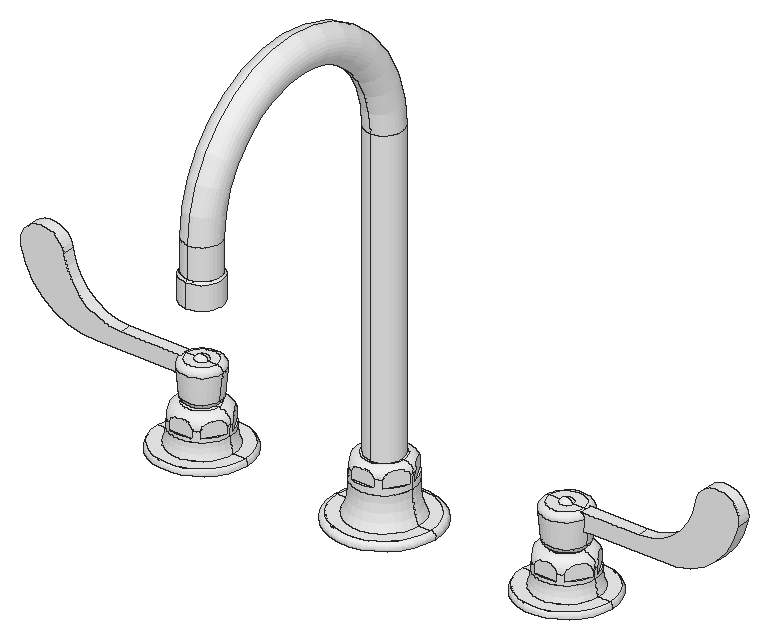
Revit family "Faucet-Lavatory-American_Standard-Monterrey-6540.27x_Series", category Plumbing Fixtures, Revit 2019
Family settings
  Round Connector Dimension = Use Diameter
  Part Type = Normal
  OmniClass Number = 23.45.55.17
  OmniClass Title = Mixing Faucets
  Work Plane-Based = Yes
  Always vertical = No
  Cut with Voids When Loaded = No
  Shared = Yes
  Room Calculation Point = No
Parameters (values of type "6540.270.002")
  Width = 5"
  Waste Connection = no
  WFU = 0
  Vent Connection = no
  URL = "http://www.americanstandard-us.com/"
  Revised Date = "06/08/2021"  # constant formula
  Product Page URL = "https://www.americanstandard-us.com/bathroom/commercial-faucets/monterrey-widespread-bathroom-faucet-with-5-gooseneck-spout-and-flexible-underbody-26664"
  Product Documentation Link = "https://www.americanstandard-us.com/-/media/sites/asus/files/product-specs/bulk/specsheet6540270.pdf?la=en"
  Price = "Prices may vary. Please consult Manufacturer Representative for most up-to-date price list."  # constant formula
  Model = "6540.270.002"
  Material = "Metal-American Standard-002-Polished Chrome"
  Manufacturer = "American Standard"
  Length = 15 3/4"
  Installation Type = "Deck Mounted"
  IAPMO Compliance = "These products meet or exceeds: ASME A112.18.1,CSA B125.1,NSF 372"  # constant formula
  Hot Water Connection Diameter = 1/2"  # constant formula
  Height = 10 5/8"
  Handle Distance Constraint [instance] = if(Handle Distance < 6", 6", if(Handle Distance > 12", 12", Handle Distance))  # 8"
  Handle Distance [instance] = 8"
  HWFU = 1.5  # constant formula
  HW Connection = yes
  Flow Rate = "1.5 gpm (5.7 L/min)"
  Finish = Metal-American Standard-002-Polished Chrome
  Description = "Monterrey Two-Handle 8\" Widespread Lavatory Faucet with Rigid/Swivel Goosneck Spout with 5\" Reach and Flexible Underbody."
  Default Elevation = 0"
  Creation Date = "02/25/2016"  # constant formula
  Cold Water Connection Diameter = 1/2"  # constant formula
  CWFU = 1.5  # constant formula
  CW Connection = yes
  Assembly Code = "D2020300"
  ADA Compliant = yes
Types (3): name | Model | Flow Rate
  (no name) | "6540.270.002" | "1.5 gpm (5.7 L/min)"
  6540.270.002 | "6540.270.002" | "1.5 gpm (5.7 L/min)"
  6540.275.002 | "6540.275.002" | "0.5 gpm (1.9 L/min)"
Reference planes (in)
  plane 1 "Center (Front/Back)": y = 0
  plane 2: z = 0
  plane 3 "Center (Left/Right)": x = 0
  plane 4: z = 10.625
  plane 5: y = -5
  plane 6: z = 6.5
  plane 7: x = 4
  plane 8: x = -4
  plane 9: x = -5
  plane 10: z = 0.17426
  plane 11: y = -0.375
  plane 12: y = -5.375
  plane 13: x = -3
  plane 14: x = 5
  plane 15: x = 3
  plane 16: x = 0.37856
  plane 17: x = -0.37856
  plane 18: x = -7.875
  plane 19: x = 7.875
Forms (in)
  Sweep 1, solid, material "Metal-American Standard-002-Polished Chrome"
    path origin (0, 0, -1.50409) x (0, 1, 0) y (0, 0, 1)
      loop
        line (0, 2.52781) -> (0, 9.24965)
        arc (0, 9.24965) -> (-2.5, 11.74965) -> (-5, 9.24965) r 2.5
        line (-5, 9.24965) -> (-5, 8.24965)
    profile origin (0, 0, 4.38465) x (0, -1, 0) y (1, 0, 0)
      loop
        circle (0, 0) r 0.37856
  Revolve 2, solid, material "Metal-American Standard-002-Polished Chrome"
    sketch origin (0, 4.5, -0.45291) x (0, 1, 0) y (0, 0, 1)
      loop
        line (-9.92726, 7.48224) -> (-9.92726, 6.98147) -> (-9.88892, 6.98147) -> (-9.86892, 6.95291) -> (-9.5, 6.95291) -> (-9.5, 7.53052) -> (-9.89345, 7.53052) -> (-9.92726, 7.48224)
      axis (-9.5, 7.53052) -> (-9.5, 6.95291)
    angle from 0 to 360
  Revolve 3, solid, material "Metal-American Standard-002-Polished Chrome"
    sketch origin (0, 0, 0) x (1, 0, 0) y (0, 0, 1)
      loop
        arc (-4, 1.83383) -> (-4.07786, 1.81554) -> (-4.13264, 1.75726) r 0.13852
        line (-4.13264, 1.75726) -> (-4.32791, 1.75726)
        arc (-4.32791, 1.75726) -> (-4.42046, 1.71627) -> (-4.45232, 1.62019) r 0.125
        line (-4.45232, 1.62019) -> (-4.39778, 1.05773)
        arc (-4.39778, 1.05773) -> (-4.36565, 0.99373) -> (-4.29886, 0.96794) r 0.09938
        line (-4.29886, 0.96794) -> (-4.17228, 0.96794) -> (-4.17228, 0.93) -> (-4.37285, 0.93)
        arc (-4.37285, 0.93) -> (-4.55339, 0.85294) -> (-4.62262, 0.66927) r 0.25
        line (-4.62262, 0.66927) -> (-4.62262, 0.45123)
        arc (-4.62262, 0.45123) -> (-4.63597, 0.28237) -> (-4.68685, 0.12081) r 0.75054
        line (-4.68685, 0.12081) -> (-4.95648, 0.12081)
        arc (-4.95648, 0.12081) -> (-4.99181, 0.0653) -> (-5, 0) r 0.15007
        line (-5, 0) -> (-4, 0) -> (-4, 1.83383)
      axis (-4, 1.83383) -> (-4, 0)
    angle from 0 to 360
  Revolve 4, solid, material "Metal-American Standard-002-Polished Chrome"
    sketch origin (0, 0, 0) x (1, 0, 0) y (0, 0, 1)
      loop
        line (0, 0) -> (0, 1.32462) -> (-0.42891, 1.32462)
        arc (-0.42891, 1.32462) -> (-0.57144, 1.26558) -> (-0.63047, 1.12306) r 0.20156
        line (-0.63047, 1.12306) -> (-0.63047, 0.82462)
        arc (-0.63047, 0.82462) -> (-0.63991, 0.47235) -> (-0.76259, 0.142) r 1.07672
        line (-0.76259, 0.142) -> (-1.02139, 0.142)
        arc (-1.02139, 0.142) -> (-1.1063, 0.09564) -> (-1.12082, 0) r 0.1089
        line (-1.12082, 0) -> (0, 0)
      axis (0, 1.32462) -> (0, 0)
    angle from 0 to 360
  Extrusion 5, void
    sketch origin (0, 0, 0) x (1, 0, 0) y (0, 1, 0)
      loop
        line (-0.66376, 0) -> (-0.33188, -0.57483) -> (0.33188, -0.57483) -> (0.66376, 0) -> (0.33188, 0.57483) -> (-0.33188, 0.57483) -> (-0.66376, 0)
      loop
        circle (0, 0) r 0.75
    from 0.957 to 1.38415
  Extrusion 6, void
    sketch origin (0, 0, 0) x (1, 0, 0) y (0, 1, 0)
      loop
        line (-3.34125, 0) -> (-3.67062, 0.5705) -> (-4.32938, 0.5705) -> (-4.65875, 0) -> (-4.32938, -0.5705) -> (-3.67062, -0.5705) -> (-3.34125, 0)
      loop
        circle (-4, 0) r 0.70724
    from 0.93221 to 0.524
  Revolve 7, solid, material "Metal-American Standard-002-Polished Chrome"
    sketch origin (0, 0, 0) x (-1, 0, 0) y (0, 0, -1)
      loop
        line (-4, -1.83383) -> (-4, 0) -> (-5, 0)
        arc (-5, 0) -> (-4.99181, -0.0653) -> (-4.95648, -0.12081) r 0.15007
        line (-4.95648, -0.12081) -> (-4.68685, -0.12081)
        arc (-4.68685, -0.12081) -> (-4.63597, -0.28237) -> (-4.62262, -0.45123) r 0.75054
        line (-4.62262, -0.45123) -> (-4.62262, -0.66927)
        arc (-4.62262, -0.66927) -> (-4.55339, -0.85294) -> (-4.37285, -0.93) r 0.25
        line (-4.37285, -0.93) -> (-4.17228, -0.93) -> (-4.17228, -0.96794) -> (-4.34595, -0.96794)
        arc (-4.34595, -0.96794) -> (-4.41275, -0.99373) -> (-4.44487, -1.05773) r 0.09938
        line (-4.44487, -1.05773) -> (-4.49942, -1.62019)
        arc (-4.49942, -1.62019) -> (-4.46756, -1.71627) -> (-4.375, -1.75726) r 0.125
        line (-4.375, -1.75726) -> (-4.13264, -1.75726)
        arc (-4.13264, -1.75726) -> (-4.07786, -1.81554) -> (-4, -1.83383) r 0.13852
      axis (-4, -1.83383) -> (-4, 0)
    angle from 0 to 360
  Extrusion 8, void
    sketch origin (0, 0, 0) x (-1, 0, 0) y (0, -1, 0)
      loop
        line (-3.34125, 0) -> (-3.67062, 0.5705) -> (-4.32938, 0.5705) -> (-4.65875, 0) -> (-4.32938, -0.5705) -> (-3.67062, -0.5705) -> (-3.34125, 0)
      loop
        circle (-4, 0) r 0.70724
    from 0.93221 to 0.524
  Extrusion 9, solid, material "Metal-American Standard-002-Polished Chrome"
    sketch origin (0, 0, 0) x (1, 0, 0) y (0, 0, 1)
      loop
        line (-6.17228, 1.40079) -> (-4.62072, 1.40079)
        arc (-4.62072, 1.40079) -> (-4.38259, 1.34362) -> (-4.19638, 1.18458) r 0.52452
        line (-4.19638, 1.18458) -> (-4, 1.18458) -> (-4, 1.7507) -> (-5.68745, 1.7507)
        arc (-5.68745, 1.7507) -> (-6.51546, 2.06427) -> (-6.92805, 2.84766) r 1.25
        arc (-6.92805, 2.84766) -> (-7.48691, 3.22952) -> (-7.875, 2.67496) r 0.48132
        arc (-7.875, 2.67496) -> (-7.25828, 1.72432) -> (-6.17228, 1.40079) r 1.63938
    from -0.125 to 0.125
  Extrusion 10, solid, material "Metal-American Standard-002-Polished Chrome"
    sketch origin (0, 0, 0) x (-1, 0, 0) y (0, 0, -1)
      loop
        arc (-6.17228, -1.40079) -> (-7.25828, -1.72432) -> (-7.875, -2.67496) r 1.63938
        arc (-7.875, -2.67496) -> (-7.48691, -3.22952) -> (-6.92805, -2.84766) r 0.48132
        arc (-6.92805, -2.84766) -> (-6.51546, -2.06427) -> (-5.68745, -1.7507) r 1.25
        line (-5.68745, -1.7507) -> (-4, -1.7507) -> (-4, -1.18458) -> (-4.19638, -1.18458)
        arc (-4.19638, -1.18458) -> (-4.38259, -1.34362) -> (-4.62072, -1.40079) r 0.52452
        line (-4.62072, -1.40079) -> (-6.17228, -1.40079)
    from -0.125 to 0.125
Cuts and joins
  Extrusion 5 cuts Sweep 1
  Extrusion 5 cuts Revolve 4
  joined: Sweep 1, Revolve 2, Revolve 4
  Extrusion 6, Extrusion 8 cuts Revolve 3
  Extrusion 8 cuts Revolve 7
  joined: Revolve 3, Revolve 7, Extrusion 9, Extrusion 10
Lines and regions (in)
  Masking region 1
    outline origin (0, 0, 0) x (1, 0, 0) y (0, 1, 0)
      loop
        line (-4.99216, 0.125) -> (-7.875, 0.125) -> (-7.875, -0.125) -> (-4.99216, -0.125)
        arc (-4.99216, -0.125) -> (-3, 0) -> (-4.99216, 0.125) r 1
      loop
        line (7.875, 0.125) -> (4.99216, 0.125)
        arc (4.99216, 0.125) -> (3, 0) -> (4.99216, -0.125) r 1
        line (4.99216, -0.125) -> (7.875, -0.125) -> (7.875, 0.125)
      loop
        line (-0.37856, -1.05496) -> (-0.37856, -4.80191)
        arc (-0.37856, -4.80191) -> (0, -5.42726) -> (0.37856, -4.80191) r 0.42726
        line (0.37856, -4.80191) -> (0.37856, -1.05496)
        arc (0.37856, -1.05496) -> (0, 1.12082) -> (-0.37856, -1.05496) r 1.12082
  symbolic lines, detail levels fine
    curve 1: circle (-4, 0, 0) r 0.13264 normal (0, 0, -1)
    curve 3: arc (-0.37856, -0.50417, 0) -> (0.00635, 0.63044, 0) -> (0.36833, -0.51169, 0) r 0.63047
    curve 7: circle (4, 0, 0) r 0.13264 normal (0, 0, 1)
    curve 13: arc (4.67538, 0.125, 0) -> (3.31315, 0, 0) -> (4.67538, -0.125, 0) r 0.68685
    curve 16: arc (-4.67538, 0.125, 0) -> (-3.31315, 0, 0) -> (-4.67538, -0.125, 0) r 0.68685
  symbolic lines, detail levels medium+fine
    curve 2: arc (0.37856, -0.66199, 0) -> (0, 0.76259, 0) -> (-0.37856, -0.66199, 0) r 0.76259
    curve 4: arc (-0.37856, 0, 0) -> (0, 0.37856, 0) -> (0.37856, 0, 0) r 0.37856
    curve 5: line (0.37856, 0, 0) -> (0.37856, -1.05496, 0)
    curve 6: line (-0.37856, 0, 0) -> (-0.37856, -1.05496, 0)
    curve 8: arc (-0.375, -4.88091, 0) -> (0, -5.39345, 0) -> (0.375, -4.88091, 0) r 0.39345
    curve 9: line (0.375, -4.79524, 0) -> (0.375, -4.88091, 0)
    curve 10: line (-0.375, -4.79524, 0) -> (-0.375, -4.88091, 0)
    curve 11: line (4.99216, 0.125, 0) -> (4.43532, 0.125, 0)
    curve 12: line (4.99216, -0.125, 0) -> (4.43532, -0.125, 0)
    curve 14: line (-4.99216, 0.125, 0) -> (-4.43532, 0.125, 0)
    curve 15: line (-4.99216, -0.125, 0) -> (-4.43532, -0.125, 0)
    curve 17: arc (-4.43532, -0.125, 0) -> (-3.54709, 0, 0) -> (-4.43532, 0.125, 0) r 0.45291
    curve 18: arc (4.43532, -0.125, 0) -> (3.54709, 0, 0) -> (4.43532, 0.125, 0) r 0.45291
Dimensions and locks (in)
  "Height": plane 4 to level
  "Width": plane 1 "Center (Front/Back)" to plane 5
  locked: Sweep 1 sketch curve to plane 11 at 0.375
  locked: plane 4 to Sweep 1 sketch curve at 2.87943
  locked: Sweep 1 sketch curve to plane 12 at 0.375
  locked: plane 5 to plane 12 at 0.375
  locked: plane 9 to plane 8 at 1
  locked: plane 13 to plane 8 at 1
  plane 15 to plane 7 to plane 14 = 1" locked, 1" locked
  "Handle Distance Constraint": plane 7 to plane 8
  locked: Extrusion 9 sketch curve to plane 6 at 4.7493
  equal spacing: plane 7, plane 3 "Center (Left/Right)", plane 8
  equal spacing: plane 19, plane 3 "Center (Left/Right)", plane 18
  "Length": plane 19 to plane 18
  aligned and locked: Revolve 3 sketch curve to Revolve 3 sketch curve
  aligned and locked: Revolve 3 sketch curve to plane 8
  aligned and locked: Revolve 7 sketch curve to Revolve 7 sketch curve
  aligned and locked: plane 14 to Revolve 7 sketch curve
  aligned and locked: cut or joined group of Revolve 3, Extrusion 6, Revolve 7, Extrusion 8, Extrusion 9, Extrusion 10 to Masking region 1 sketch curve  (x4)
  aligned and locked: Masking region 1 sketch curve to cut or joined group of Revolve 3, Extrusion 6, Revolve 7, Extrusion 8, Extrusion 9, Extrusion 10  (x2)
  aligned and locked: Masking region 1 sketch curve to cut or joined group of Sweep 1, Revolve 2, Revolve 4, Extrusion 5
  aligned and locked: Masking region 1 sketch curve to Revolve 2
  aligned and locked: plane 16 to Masking region 1 sketch curve
  aligned and locked: Masking region 1 sketch curve to plane 17
  aligned and locked: curve 1 to cut or joined group of Revolve 3, Extrusion 6, Revolve 7, Extrusion 8, Extrusion 9, Extrusion 10
  aligned and locked: curve 2 to cut or joined group of Sweep 1, Revolve 2, Revolve 4, Extrusion 5
  aligned and locked: curve 3 to cut or joined group of Sweep 1, Revolve 2, Revolve 4, Extrusion 5
  aligned and locked: curve 4 to cut or joined group of Sweep 1, Revolve 2, Revolve 4, Extrusion 5
  aligned and locked: curve 8 to Revolve 2
  aligned and locked: plane 16 to curve 5
  aligned and locked: plane 17 to curve 6
Automatic sketch dimensions
  plane 6 to Sweep 1 sketch curve = 0.24557"
  level to Sweep 1 sketch curve = 1.02373"
  Sweep 1 sketch curve to profile plane = 0"  (x2)
  Revolve 2 sketch curve to plane 6 = 0"
  Revolve 2 sketch curve to plane 5 = 0"  (x2)
  Revolve 2 sketch curve to plane 12 = 0.00608"
  plane 12 to Revolve 2 sketch curve = 0.01392"
  plane 12 to Revolve 2 sketch curve = 0.01845"
  Revolve 2 sketch curve to Revolve 2 sketch curve = 0.03834"
  plane 6 to Revolve 2 sketch curve = 0.02857"
  Revolve 2 sketch curve to Revolve 2 sketch curve = 0.50077"
  Revolve 2 sketch curve to Revolve 2 sketch curve = 0.04828"
  Revolve 2 sketch curve to Revolve 2 sketch curve = 1.85153"
  Revolve 2 sketch curve to Revolve 2 sketch curve = 0.17914"
  Revolve 3 sketch curve to level = 0"
  plane 9 to Revolve 3 sketch curve = 0"
  plane 9 to Revolve 3 sketch curve = 0.37273"
  Revolve 3 sketch curve to plane 9 = 0.04352"
  level to Revolve 3 sketch curve = 0.01443"
  Revolve 3 sketch curve to plane 9 = 0.14937"
  Revolve 3 sketch curve to Revolve 3 sketch curve = 0.16378"
  Revolve 3 sketch curve to plane 9 = 0.37738"
  Revolve 3 sketch curve to plane 8 = 0.45232"
  Revolve 3 sketch curve to plane 8 = 0.39778"
  Revolve 3 sketch curve to Revolve 3 sketch curve = 0.02492"
  Revolve 3 sketch curve to Revolve 3 sketch curve = 0.12442"
  Revolve 3 sketch curve to Revolve 3 sketch curve = 0.07399"
  Revolve 3 sketch curve to Revolve 3 sketch curve = 0.12658"
  Revolve 3 sketch curve to plane 8 = 0.13264"
  Revolve 3 sketch curve to plane 8 = 0.00861"
  level to Revolve 3 sketch curve = 0.42558"
  Revolve 3 sketch curve to Revolve 3 sketch curve = 0.21804"
  Revolve 3 sketch curve to Revolve 3 sketch curve = 0.01074"
  Revolve 3 sketch curve to Revolve 3 sketch curve = 0.03794"
  Revolve 3 sketch curve to Revolve 3 sketch curve = 0.12773"
  Revolve 3 sketch curve to Revolve 3 sketch curve = 0.56246"
  Revolve 3 sketch curve to Revolve 3 sketch curve = 0.01207"
  Revolve 3 sketch curve to Revolve 3 sketch curve = 0.06167"
  Revolve 3 sketch curve to level = 0.17825"
  Revolve 3 sketch curve to Revolve 3 sketch curve = 0.45282"
  Revolve 4 sketch curve to level = 0"
  Revolve 4 sketch curve to plane 3 "Center (Left/Right)" = 0"  (x2)
  Revolve 4 sketch curve to Revolve 4 sketch curve = 0.42891"
  Revolve 4 sketch curve to Revolve 4 sketch curve = 0.20156"
  plane 10 to Revolve 4 sketch curve = 0.03226"
  Revolve 4 sketch curve to Revolve 4 sketch curve = 0.13211"
  level to Revolve 4 sketch curve = 0.03318"
  Revolve 4 sketch curve to Revolve 4 sketch curve = 0.25451"
  Revolve 4 sketch curve to Revolve 4 sketch curve = 0.0043"
  Revolve 4 sketch curve to Revolve 4 sketch curve = 0.67562"
  level to Revolve 4 sketch curve = 0.67694"
  Revolve 4 sketch curve to Revolve 4 sketch curve = 0.29844"
  Revolve 4 sketch curve to Revolve 4 sketch curve = 0.30223"
  Revolve 4 sketch curve to Revolve 4 sketch curve = 0.12315"
  Extrusion 9 sketch curve to Extrusion 9 sketch curve = 0.10379"
  Extrusion 9 sketch curve to plane 9 = 0.37928"
  Extrusion 9 sketch curve to plane 8 = 0.19638"
  Extrusion 9 sketch curve to Extrusion 9 sketch curve = 0.3083"
  Extrusion 9 sketch curve to Extrusion 9 sketch curve = 0.56612"
  Extrusion 9 sketch curve to Extrusion 9 sketch curve = 1.35523"
  Extrusion 9 sketch curve to Extrusion 9 sketch curve = 1 1/4"
  Extrusion 9 sketch curve to Extrusion 9 sketch curve = 0.03619"
  plane 7 to Extrusion 10 sketch curve = 0"
  Extrusion 10 sketch curve to Extrusion 10 sketch curve = 1.12449"
  Extrusion 10 sketch curve to Extrusion 10 sketch curve = 0.10379"
  Extrusion 10 sketch curve to Extrusion 10 sketch curve = 0.48482"
  plane 14 to Extrusion 10 sketch curve = 0.37928"
  plane 7 to Extrusion 10 sketch curve = 0.19638"
  Extrusion 10 sketch curve to level = 0.87627"
  Extrusion 10 sketch curve to Extrusion 10 sketch curve = 0.3083"
  Extrusion 10 sketch curve to Extrusion 10 sketch curve = 0.56612"
  Extrusion 10 sketch curve to Extrusion 10 sketch curve = 1.35523"
  Extrusion 10 sketch curve to Extrusion 10 sketch curve = 1 1/4"
  Extrusion 10 sketch curve to Extrusion 10 sketch curve = 0.03619"
  plane 1 "Center (Front/Back)" to Extrusion 5 sketch curve = 0"  (x3)
  Extrusion 5 sketch curve to plane 3 "Center (Left/Right)" = 0"
  Extrusion 5 sketch curve to plane 3 "Center (Left/Right)" = 0.33188"  (x2)
  Extrusion 5 sketch curve to Extrusion 5 sketch curve = 0.33188"  (x2)
  plane 3 "Center (Left/Right)" to Extrusion 5 sketch curve = 0.33188"  (x2)
  plane 1 "Center (Front/Back)" to Extrusion 5 sketch curve = 0.57483"
  Extrusion 5 sketch curve to plane 1 "Center (Front/Back)" = 0.57483"
  plane 1 "Center (Front/Back)" to Extrusion 6 sketch curve = 0"  (x3)
  Extrusion 6 sketch curve to plane 8 = 0"
  Extrusion 6 sketch curve to plane 8 = 0.32938"  (x2)
  Extrusion 6 sketch curve to plane 9 = 0.34125"
  plane 8 to Extrusion 6 sketch curve = 0.32938"  (x2)
  Extrusion 6 sketch curve to plane 13 = 0.34125"
  plane 1 "Center (Front/Back)" to Extrusion 6 sketch curve = 0.5705"
  Extrusion 6 sketch curve to plane 1 "Center (Front/Back)" = 0.5705"
  plane 1 "Center (Front/Back)" to Extrusion 8 sketch curve = 0"  (x3)
  Extrusion 8 sketch curve to plane 7 = 0"
  plane 7 to Extrusion 8 sketch curve = 0.32938"  (x2)
  plane 14 to Extrusion 8 sketch curve = 0.34125"
  Extrusion 8 sketch curve to plane 7 = 0.32938"  (x2)
  plane 15 to Extrusion 8 sketch curve = 0.34125"
  Extrusion 8 sketch curve to plane 1 "Center (Front/Back)" = 0.5705"
  plane 1 "Center (Front/Back)" to Extrusion 8 sketch curve = 0.5705"
  plane 7 to Revolve 7 sketch curve = 0"
  Revolve 7 sketch curve to level = 0"
  plane 14 to Revolve 7 sketch curve = 0.37273"
  Revolve 7 sketch curve to plane 14 = 0.04352"
  level to Revolve 7 sketch curve = 0.01443"
  Revolve 7 sketch curve to plane 14 = 0.14937"
  Revolve 7 sketch curve to Revolve 7 sketch curve = 0.16378"
  Revolve 7 sketch curve to plane 14 = 0.37738"
  Revolve 7 sketch curve to plane 7 = 0.49942"
  Revolve 7 sketch curve to Revolve 7 sketch curve = 0.24977"
  Revolve 7 sketch curve to Revolve 7 sketch curve = 0.17367"
  Revolve 7 sketch curve to plane 7 = 0.13264"
  Revolve 7 sketch curve to plane 7 = 0.00861"
  level to Revolve 7 sketch curve = 0.42558"
  Revolve 7 sketch curve to Revolve 7 sketch curve = 0.21804"
  Revolve 7 sketch curve to Revolve 7 sketch curve = 0.01074"
  Revolve 7 sketch curve to Revolve 7 sketch curve = 0.03794"
  Revolve 7 sketch curve to Revolve 7 sketch curve = 0.06167"
  Revolve 7 sketch curve to level = 0.17825"
  Revolve 7 sketch curve to Revolve 7 sketch curve = 0.45282"
  Revolve 7 sketch curve to Revolve 7 sketch curve = 0.12442"
  Revolve 7 sketch curve to Revolve 7 sketch curve = 0.0269"
  Revolve 7 sketch curve to Revolve 7 sketch curve = 0.09938"
  Revolve 7 sketch curve to Revolve 7 sketch curve = 0.55287"
  Revolve 7 sketch curve to Revolve 7 sketch curve = 0.09892"
  Revolve 7 sketch curve to Revolve 7 sketch curve = 0.01207"
  curve 1 to curve 16 = 0"  (x2)
  curve 1 to curve 17 = 0"  (x2)
  curve 7 to curve 13 = 0"  (x2)
  curve 7 to curve 18 = 0"  (x2)
  plane 1 "Center (Front/Back)" to curve 18 = 0"
  curve 18 to plane 7 = 0"
  plane 1 "Center (Front/Back)" to curve 15 = 1/8"
  curve 15 to plane 8 = 0.43532"
  curve 14 to plane 1 "Center (Front/Back)" = 1/8"
  curve 10 to plane 5 = 0.11909"
  curve 9 to plane 5 = 0.11909"
  curve 11 to plane 1 "Center (Front/Back)" = 1/8"
  curve 11 to plane 7 = 0.43532"
  curve 16 to curve 15 = 0.24006"
  curve 15 to plane 9 = 0.00784"
  curve 14 to plane 9 = 0.00784"
  curve 3 to curve 2 = 0.01023"
  curve 12 to curve 11 = 0"
  curve 18 to curve 13 = 0.24006"
  curve 11 to plane 14 = 0.00784"
  curve 12 to plane 14 = 0.00784"
  curve 9 to curve 9 = 0.08567"
  curve 10 to curve 10 = 0.08567"
  curve 6 to curve 2 = 0.39297"
  curve 5 to curve 2 = 0.39297"
  Extrusion 9 sketch curve to Extrusion 9 sketch curve = 0.47444"
  Extrusion 9 sketch curve to Extrusion 9 sketch curve = 0.58862"
  Extrusion 9 sketch curve to Extrusion 9 sketch curve = 1.12449"
  Extrusion 9 sketch curve to plane 8 = 0"
  plane 9 to Extrusion 9 sketch curve = 0.68745"
  plane 9 to Masking region 1 sketch curve = 2 7/8"
  Extrusion 10 sketch curve to plane 14 = 0.68745"
  Extrusion 10 sketch curve to Extrusion 10 sketch curve = 0.47251"
  plane 14 to Masking region 1 sketch curve = 2 7/8"
  radius of Sweep 1 sketch curve = 0.37856"
  radius of Extrusion 5 sketch curve = 3/4"
  radius of Extrusion 6 sketch curve = 0.70724"
  radius of Extrusion 8 sketch curve = 0.70724"
  radius of curve 7 = 0.13264"
Connectors (in)
  piping at (-4, 0, 0), diameter 0.5, driven by "HWFU", driven by "Hot Water Connection Diameter"
    settings: on cut or joined group of Revolve 3, Extrusion 6, Revolve 7, Extrusion 8, Extrusion 9, Extrusion 10, index 1, connector inside diameter 24", connector length 0", flow factor 0, pipe flow 0 GPM, pressure drop 0.00 psi, fitting loss kfactor 0, connector angle 0.00°, fixture units 1.5, engagement length 0", angle of deflection 0.00°, flow configuration 3, flow direction 1, fitting loss method 0, system type 19, joint type 0, gender type 0, connector reference index -1, connector utility 0, adjustable connector no, is connector primary yes, connector description "1/2\" NPSM HW Inlet Supply"
  piping at (4, 0, 0), diameter 0.5, driven by "CWFU", driven by "Cold Water Connection Diameter"
    settings: on cut or joined group of Revolve 3, Extrusion 6, Revolve 7, Extrusion 8, Extrusion 9, Extrusion 10, index 2, connector inside diameter 24", connector length 0", flow factor 0, pipe flow 0 GPM, pressure drop 0.00 psi, fitting loss kfactor 0, connector angle 0.00°, fixture units 1.5, engagement length 0", angle of deflection 0.00°, flow configuration 3, flow direction 1, fitting loss method 0, system type 20, joint type 0, gender type 0, connector reference index -1, connector utility 0, adjustable connector no, is connector primary no, connector description "1/2\" NPSM CW Inlet Supply"
